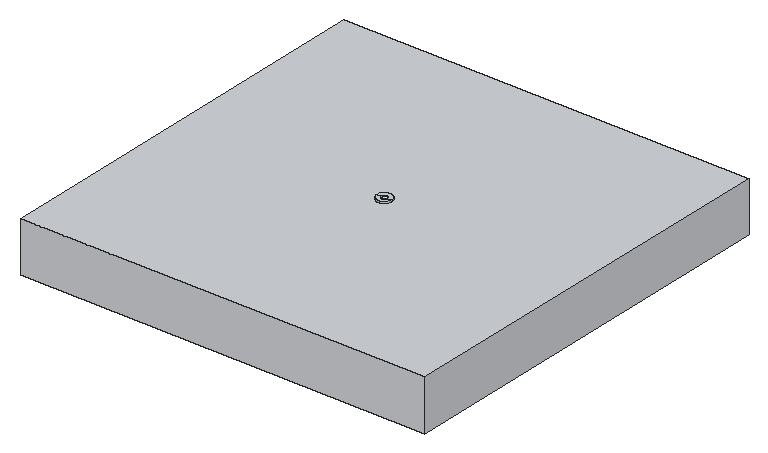
Revit family "ASTARIO", category Luminaires, Revit 2021
Family settings
  Hôte = Face
  Cote de connecteur circulaire = Utiliser le diamètre
  Type d'élément = Normal
  Numéro OmniClass = 23.80.70.11.14.21
  Titre OmniClass = Spots and Tracklight Specialties
  Couper avec des vides une fois chargée = Oui
  Source d'éclairage = Oui
  Partagée = Oui
  Point de calcul de pièce = Oui
Parameters (values of type "963350 / 963352")
  Épaisseur collerette = 7 mm
  Épaisseur = 33 mm
  URL = "https://www.resistex-sa.com/fr/astario-anneau-fixe-det-ir-me-1261.html"
  Tension = 230 V  # constant formula
  built-in parameter 1150107 = 4000 (stored number, unit not read)
  Rayon corps = 32.5 mm
  Rayon collerette = 44 mm
  Wattage = 6.3 W
  built-in parameter 1150110 = 1 (stored number, unit not read)
  built-in parameter 1150109 = 1 (stored number, unit not read)
  built-in parameter 1114218 = 1 (stored number, unit not read)
  built-in parameter 1150113 = 1 (stored number, unit not read)
  built-in parameter 1150112 = 1 (stored number, unit not read)
  Nombre pôles = 1  # constant formula
  built-in parameter 1150137 = (empty or 0)
  built-in parameter 1150132 = (empty or 0)
  Modèle = "Astario"  # constant formula
  Matériau collerette = PC Transparent
  built-in parameter 1150105 = 43.917 (stored number, unit not read)
  built-in parameter 1150102 = (empty or 0)
  Indice de charge = Eclairage
  Image du type = <Aucun>
  IP = "65"  # constant formula
  IK = "07"  # constant formula
  Gradation des changements de température de couleur de lampe = <Aucun>
  Garantie = "5 ans"  # constant formula
  Lumens = 551.88 lm
  Color Filter = 16777215
  Fichier de distribution photométrique = "963350.ies"
  built-in parameter 1114217 = 1 (stored number, unit not read)
  built-in parameter 1150139 = (empty or 0)
  Fabricant = "Résistex"  # constant formula
  Emit from Circle Diameter = 609.6 mm
  Emit Shape Visible in Rendering = no
  Default Elevation = 0 mm
  built-in parameter 1150104 = 8.1383 (stored number, unit not read)
  built-in parameter 1150106 = 0.43917 (stored number, unit not read)
  built-in parameter 1150115 = 1 (stored number, unit not read)
  built-in parameter 1150114 = 1 (stored number, unit not read)
  Diamètre intérieur = 33 mm
  Description = "Spot équipé d'une platine LED, efficacité lumineuse de 87.6lm/W"
  Cost = 40
  built-in parameter 1150138 = (empty or 0)
  built-in parameter 1150134 = 12
  Commentaires relatifs à la puissance = "6.3W"  # constant formula
  Apparent Load = 6.77 VA  # constant formula
  Tilt Angle = 60.00°
  built-in parameter 1150133 = 10 (stored number, unit not read)
Types (3, lengths in mm): name | URL | Cost
  (no name) | "https://www.resistex-sa.com/fr/astario-anneau-fixe-det-ir-me-1261.html" | 40
  963350 / 963351 | "https://www.resistex-sa.com/fr/astario-anneau-fixe-rond-1260.html" | 32.5
  963350 / 963352 | "https://www.resistex-sa.com/fr/astario-anneau-fixe-det-ir-me-1261.html" | 40
Reference planes
  plane 1 "Centre (avant/arrière)": y = 0
  plane 2: z = 0
  plane 3 "Centre (gauche/droite)": x = 0
  plane 4 "Face collerette": z = 7
Forms (mm)
  Extrusion 1, solid
    sketch origin (0, 0, 0) x (1, 0, 0) y (0, 1, 0)
      loop
        line (-1219.2, 1219.2) -> (-1219.2, -1219.2) -> (1219.2, -1219.2) -> (1219.2, 1219.2) -> (-1219.2, 1219.2)
    from 0 to -304.8
  Revolve 2, solid
    sketch origin (0, 0, 0) x (1, 0, 0) y (0, 0, 1)
      loop
        line (0, 7) -> (-44, 7) -> (-44, 0) -> (-32.5, 0) -> (-32.5, -33) -> (0, -33) -> (0, 7)
      axis (0, 7) -> (0, -33)
    angle from 0 to 360
  Extrusion 3, void
    sketch origin (0, 0, 0) x (1, 0, 0) y (0, 1, 0)
      loop
        circle (0, 0) r 16.5
    from 0 to 8
  Extrusion 4, solid, material "PC Transparent" <- "Matériau collerette"
    sketch origin (0, 0, 0) x (1, 0, 0) y (0, 1, 0)
      loop
        circle (0, 0) r 16.5
    from 0 to 6
Cuts and joins
  Extrusion 3 cuts Revolve 2
Dimensions and locks
  "Rayon collerette": Revolve 2 sketch curve to imposter light
  "Rayon corps": Revolve 2 sketch curve to imposter light
  "Épaisseur collerette": Revolve 2 sketch curve to Extrusion 1
  "Épaisseur": Extrusion 1 to Revolve 2 sketch curve
  "Épaisseur collerette": plane 4 "Face collerette" to Extrusion 1
  "Diamètre intérieur": diameter of Extrusion 3 sketch curve
  "Diamètre intérieur": diameter of Extrusion 4 sketch curve
  aligned and locked: plane 2 to Extrusion 1
  aligned and locked: level to Extrusion 1
  aligned and locked: imposter light to Extrusion 3 sketch curve  (x2)
  aligned and locked: imposter light to Extrusion 4 sketch curve  (x2)
Automatic sketch dimensions
  Extrusion 1 sketch curve to Extrusion 1 sketch curve = 2438.4 mm  (x2)
  Revolve 2 sketch curve to plane 3 "Centre (gauche/droite)" = 0 mm  (x2)
  Revolve 2 sketch curve to level = 0 mm
  Revolve 2 sketch curve to Revolve 2 sketch curve = 18 mm
  Revolve 2 sketch curve to Revolve 2 sketch curve = 60 mm
Connectors
  electrical at (0, 0, 0), driven by "Nombre pôles", driven by "Tension", driven by "Apparent Load", driven by "Indice de charge"
    settings: on cut or joined group of Revolve 2, Extrusion 3, index 1, voltage 230 V, apparent load 0 VA, apparent load phase1 6.77 VA, apparent load phase2 0 VA, apparent load phase3 0 VA, power factor 1, load classification "Eclairage", number of poles 1, system type 31, power factor state 1, is connector primary yes, connector utility no, sub classification motor no, connector description ""
